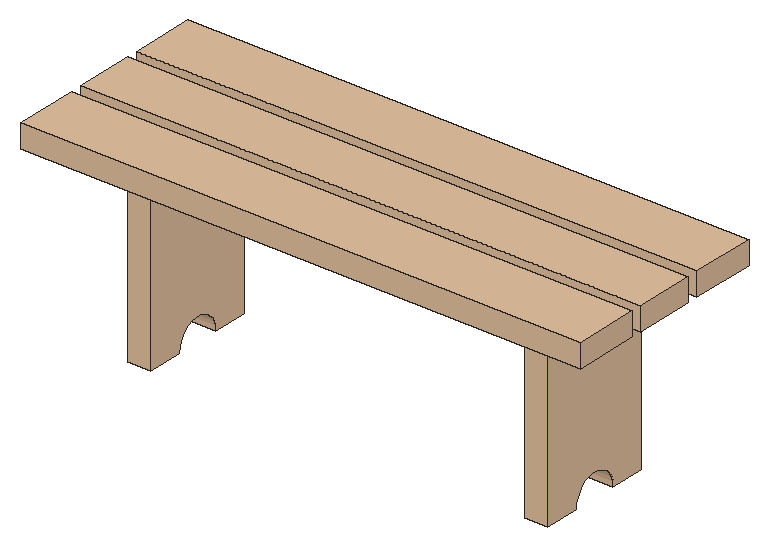
Revit family
Parameters (values of type "1220 x 457 x 457mm")
  Material Bench = Wood - Cherry
  Keynote = "N"
  Depth = 457.00 mm
  Height = 457.00 mm
  Width = 1220.00 mm
Types (4, lengths in mm): name | Keynote | Height | Width
  (no name) | "N" | 457.00 | 1220.00
  1220 x 457 x 356mm | "" | 356.00 | 1220.00
  1220 x 457 x 457mm | "N" | 457.00 | 1220.00
  1525 x 457 x 457mm | "" | 457.00 | 1525.00
Reference planes
  plane 1 "Center (Front/Back)": y = -180.715
  plane 2: z = 0
  plane 3 "Center (Left/Right)": x = -155.315
  plane 4: y = 47.785
  plane 5: y = -409.215
  plane 6: x = 454.685
  plane 7: x = -765.315
  plane 8: y = -53.815
  plane 9: y = -307.615
  plane 10: y = -307.615
  plane 11: y = -53.815
  plane 12: y = -104.548
  plane 13: y = -256.881
Forms (mm)
  Extrusion 1, solid, material "Wood - Cherry" <- "Material Bench"
    sketch origin (0, 0, 0) x (1, 0, 0) y (0, 1, 0)
      loop
        line (-765.315, 47.785) -> (-765.315, -91.848) -> (454.685, -91.848) -> (454.685, 47.785) -> (-765.315, 47.785)
      loop
        line (-765.315, -409.215) -> (454.685, -409.215) -> (454.685, -269.581) -> (-765.315, -269.581) -> (-765.315, -409.215)
      loop
        line (-765.315, -117.248) -> (-765.315, -244.181) -> (454.685, -244.181) -> (454.685, -117.248) -> (-765.315, -117.248)
    from 406.2 to 457
  Extrusion 2, solid, material "Wood - Cherry" <- "Material Bench"
    sketch origin (-765.315, 47.785, 457) x (0, 0, -1) y (0, -1, 0)
      loop
        line (50.8, 101.6) -> (457, 101.6) -> (457, 177.8)
        arc (457, 177.8) -> (406.3, 228.5) -> (457, 279.2) r 50.7
        line (457, 279.2) -> (457, 355.4) -> (50.8, 355.4) -> (50.8, 101.6)
    from -152.4 to -203.2
  Extrusion 3, solid, material "Wood - Cherry" <- "Material Bench"
    sketch origin (454.685, -91.848, 457) x (0, 0, -1) y (0, 1, 0)
      loop
        line (50.8, -215.767) -> (457, -215.767) -> (457, -139.567)
        arc (457, -139.567) -> (406.3, -88.867) -> (457, -38.167) r 50.7
        line (457, -38.167) -> (457, 38.033) -> (50.8, 38.033) -> (50.8, -215.767)
    from -152.4 to -203.2
Lines and regions (mm)
  Masking region 1
    outline origin (0, 0, 0) x (1, 0, 0) y (0, 1, 0)
      loop
        line (-765.315, 47.785) -> (-765.315, -409.215) -> (454.685, -409.215) -> (454.685, 47.785) -> (-765.315, 47.785)
  symbolic lines
    curve 1: line (-765.315, 47.785, 0) -> (454.685, 47.785, 0)
    curve 2: line (-765.315, 47.785, 0) -> (-765.315, -409.215, 0)
    curve 3: line (-765.315, -409.215, 0) -> (454.685, -409.215, 0)
    curve 4: line (454.685, 47.785, 0) -> (454.685, -409.215, 0)
  symbolic lines, detail levels medium+fine
    curve 5: line (-765.315, -91.848, 0) -> (454.685, -91.848, 0)
    curve 6: line (454.685, -117.248, 0) -> (-765.315, -117.248, 0)
    curve 7: line (-765.315, -244.181, 0) -> (454.685, -244.181, 0)
    curve 8: line (454.685, -269.581, 0) -> (-765.315, -269.581, 0)
Dimensions and locks
  equal spacing: plane 7, plane 3 "Center (Left/Right)", plane 6
  equal spacing: plane 5, plane 1 "Center (Front/Back)", plane 4
  "Width": plane 7 to plane 6
  "Depth": plane 5 to plane 4
  "Height": Extrusion 1 to plane 2
  locked: Extrusion 1 to Extrusion 1 at 50.8
  locked: plane 4 to plane 8 at 101.6
  locked: plane 9 to plane 5 at 101.6
  locked: plane 5 to plane 10 at 101.6
  locked: plane 11 to plane 4 at 101.6
  equal spacing: plane 5, plane 13, plane 12, plane 4
  Extrusion 1 sketch curve to plane 12 to Extrusion 1 sketch curve = 12.70 mm, 12.70 mm
  Extrusion 1 sketch curve to plane 13 to Extrusion 1 sketch curve = 12.70 mm, 12.70 mm
  aligned and locked: plane 9 to Extrusion 2 sketch curve
  aligned and locked: Extrusion 2 sketch curve to Extrusion 1
  aligned and locked: plane 10 to Extrusion 3 sketch curve
  aligned and locked: plane 11 to Extrusion 3 sketch curve
  aligned and locked: Extrusion 3 sketch curve to Extrusion 1
  aligned and locked: curve 5 to Extrusion 1
  aligned and locked: curve 6 to Extrusion 1
  aligned and locked: curve 7 to Extrusion 1
  aligned and locked: curve 8 to Extrusion 1
  aligned: plane 4 to Masking region 1 sketch curve
  aligned: plane 6 to Masking region 1 sketch curve
Automatic sketch dimensions
  curve 3 to plane 5 = 0.00 mm
  curve 3 to plane 7 = 0.00 mm
  curve 3 to plane 6 = 0.00 mm
  curve 2 to plane 4 = 0.00 mm
  Extrusion 2 sketch curve to plane 8 = 0.00 mm
  Extrusion 2 sketch curve to level = 0.00 mm
  Extrusion 2 sketch curve to plane 1 "Center (Front/Back)" = 0.00 mm
  Extrusion 2 sketch curve to Extrusion 2 sketch curve = 76.20 mm
  Extrusion 3 sketch curve to level = 0.00 mm
  Extrusion 3 sketch curve to plane 1 "Center (Front/Back)" = 0.00 mm
  Extrusion 3 sketch curve to Extrusion 3 sketch curve = 76.20 mm
  Extrusion 1 sketch curve to plane 7 = 0.00 mm  (x3)
  Extrusion 1 sketch curve to plane 6 = 0.00 mm  (x3)
  Extrusion 1 sketch curve to plane 5 = 0.00 mm
  Extrusion 1 sketch curve to plane 4 = 0.00 mm
  curve 5 to plane 1 "Center (Front/Back)" = 88.867 mm
  curve 6 to curve 5 = 25.40 mm
  plane 1 "Center (Front/Back)" to curve 7 = 63.467 mm
  curve 8 to curve 7 = 25.40 mm
  Masking region 1 sketch curve to plane 5 = 0.00 mm
  Masking region 1 sketch curve to plane 7 = 0.00 mm
  Masking region 1 sketch curve to plane 6 = 0.00 mm
  Masking region 1 sketch curve to plane 4 = 0.00 mm
